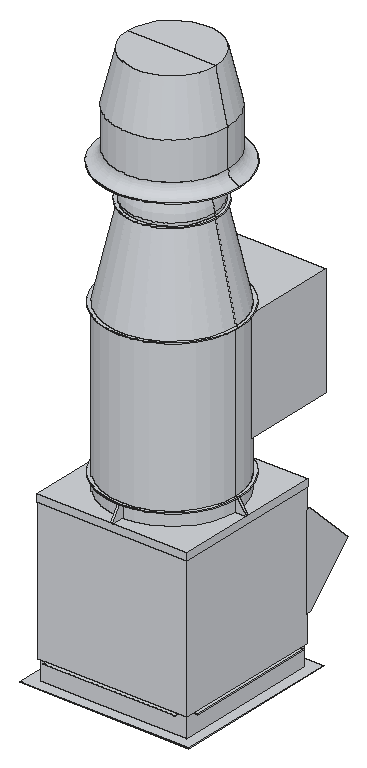
Revit family "QMXVP_with_Mixing_Box", category Mechanical Equipment, Revit 2019 (continued)
Types (225): name | UNIT_RADIUS+4" | UNIT_RADIUS*.6 | UNIT_RADIUS | UNIT_OD | UNIT_HEIGHT*.75 | UNIT_HEIGHT | TYPE | TRANSITION_TOP | RO/2 | RO | NOZZLE_WB_RAD-2" | NOZZLE_WB_RAD | NOZZLE_WB/4 | NOZZLE_TOP_RAD | NOZZLE_TOP_OD | NOZZLE_SIZE | NOZZLE_HEIGHT/7*2 | NOZZLE_HEIGHT | NOZZLE_BOTTOM_RAD | NOZZLE_WB_OD | NOZZLE_BOTTOM_ID | MB_HT/2 | MB_HT-2.75" | MB_HT+.25" | MB_HT | MB_A | GA | E | C/2 | C | B/2 | B | A/2 | A | Type Comments | Model | -A | (NOZZLE_WB_OD-NOZZLE_TOP_OD)/2 | (NOZZLE_HEIGHT-(NOZZLE_HEIGHT/8*2))/2 | (A/2)+.25"
  245_QMXVP-15H-Mixing_Box | 1' - 9 3/8" | 1' - 3.6375" | 1' - 5 3/8" | 2' - 10 3/4" | 2' - 9 3/8" | 3' - 8 1/2" | 0' - 0" | 6' - 5 11/16" | 1' - 6 3/8" | 3' - 0 3/4" | 1' - 4" | 1' - 6" | 0' - 7.2" | 0' - 11 1/2" | 1' - 11" | 15' - 0" | 0' - 10 3/4" | 3' - 7" | 0' - 10 11/16" | 3' - 0" | 1' - 9 3/8" | 1' - 10 23/32" | 3' - 6 11/16" | 3' - 9 11/16" | 3' - 9 7/16" | 4' - 9" | 0' - 0 27/256" | 3' - 6 15/16" | 2' - 5 1/2" | 4' - 11" | 5' - 0 1/2" | 10' - 1" | 1' - 10" | 3' - 8" | "Vari-Plume Laboratory Exhaust Mixed-Flow Inline Belt Drive With Mixing Box\r\n" | "QMXVP-Mixing Box" | -3' - 8" | 0' - 3 1/4" | 1' - 4 1/8" | 1' - 10 1/4"
  245_QMXVP-18L-Mixing_Box | 1' - 9 3/8" | 1' - 3.6375" | 1' - 5 3/8" | 2' - 10 3/4" | 2' - 9 3/8" | 3' - 8 1/2" | 0' - 0" | 5' - 9 11/16" | 1' - 6 3/8" | 3' - 0 3/4" | 1' - 7 1/2" | 1' - 9 1/2" | 0' - 8.6" | 1' - 1 3/4" | 2' - 3 1/2" | 18' - 0" | 1' - 0" | 4' - 0" | 1' - 0 13/16" | 3' - 7" | 2' - 1 5/8" | 1' - 10 23/32" | 3' - 6 11/16" | 3' - 9 11/16" | 3' - 9 7/16" | 4' - 9" | 0' - 0 27/256" | 3' - 6 15/16" | 2' - 5 1/2" | 4' - 11" | 5' - 0 1/2" | 10' - 1" | 1' - 10" | 3' - 8" | "Vari-Plume Laboratory Exhaust Mixed-Flow Inline Belt Drive With Mixing Box\r\n" | "QMXVP-Mixing Box" | -3' - 8" | 0' - 3 7/8" | 1' - 6" | 1' - 10 1/4"
  245_QMXVP-18H-Mixing_Box | 1' - 9 3/8" | 1' - 3.6375" | 1' - 5 3/8" | 2' - 10 3/4" | 2' - 9 3/8" | 3' - 8 1/2" | 0' - 0" | 5' - 9 11/16" | 1' - 6 3/8" | 3' - 0 3/4" | 1' - 7 1/2" | 1' - 9 1/2" | 0' - 8.6" | 1' - 1 3/4" | 2' - 3 1/2" | 18' - 0" | 1' - 0" | 4' - 0" | 1' - 0 13/16" | 3' - 7" | 2' - 1 5/8" | 1' - 10 23/32" | 3' - 6 11/16" | 3' - 9 11/16" | 3' - 9 7/16" | 4' - 9" | 0' - 0 27/256" | 3' - 6 15/16" | 2' - 5 1/2" | 4' - 11" | 5' - 0 1/2" | 10' - 1" | 1' - 10" | 3' - 8" | "Vari-Plume Laboratory Exhaust Mixed-Flow Inline Belt Drive With Mixing Box\r\n" | "QMXVP-Mixing Box" | -3' - 8" | 0' - 3 7/8" | 1' - 6" | 1' - 10 1/4"
  245_QMXVP-24L-Mixing_Box | 1' - 9 3/8" | 1' - 3.6375" | 1' - 5 3/8" | 2' - 10 3/4" | 2' - 9 3/8" | 3' - 8 1/2" | 0' - 0" | 4' - 9 3/4" | 1' - 6 3/8" | 3' - 0 3/4" | 2' - 4 1/2" | 2' - 6 1/2" | 1' - 0.2" | 1' - 6 1/4" | 3' - 0 1/2" | 24' - 0" | 1' - 3 1/2" | 5' - 2" | 1' - 5 3/8" | 5' - 1" | 2' - 10 3/4" | 1' - 10 23/32" | 3' - 6 11/16" | 3' - 9 11/16" | 3' - 9 7/16" | 4' - 9" | 0' - 0 27/256" | 3' - 6 15/16" | 2' - 5 1/2" | 4' - 11" | 5' - 0 1/2" | 10' - 1" | 1' - 10" | 3' - 8" | "Vari-Plume Laboratory Exhaust Mixed-Flow Inline Belt Drive With Mixing Box\r\n" | "QMXVP-Mixing Box" | -3' - 8" | 0' - 6 1/8" | 1' - 11 1/4" | 1' - 10 1/4"
  245_QMXVP-24H-Mixing_Box | 1' - 9 3/8" | 1' - 3.6375" | 1' - 5 3/8" | 2' - 10 3/4" | 2' - 9 3/8" | 3' - 8 1/2" | 0' - 0" | 4' - 9 3/4" | 1' - 6 3/8" | 3' - 0 3/4" | 2' - 4 1/2" | 2' - 6 1/2" | 1' - 0.2" | 1' - 6 1/4" | 3' - 0 1/2" | 24' - 0" | 1' - 3 1/2" | 5' - 2" | 1' - 5 3/8" | 5' - 1" | 2' - 10 3/4" | 1' - 10 23/32" | 3' - 6 11/16" | 3' - 9 11/16" | 3' - 9 7/16" | 4' - 9" | 0' - 0 27/256" | 3' - 6 15/16" | 2' - 5 1/2" | 4' - 11" | 5' - 0 1/2" | 10' - 1" | 1' - 10" | 3' - 8" | "Vari-Plume Laboratory Exhaust Mixed-Flow Inline Belt Drive With Mixing Box\r\n" | "QMXVP-Mixing Box" | -3' - 8" | 0' - 6 1/8" | 1' - 11 1/4" | 1' - 10 1/4"
  270_QMXVP-15L-Mixing_Box | 1' - 11 5/32" | 1' - 5.24062" | 1' - 7 5/32" | 3' - 2 5/16" | 2' - 11 1/4" | 3' - 11" | 0' - 0" | 7' - 2 3/16" | 1' - 8 3/8" | 3' - 4 3/4" | 1' - 4" | 1' - 6" | 0' - 7.2" | 0' - 11 1/2" | 1' - 11" | 15' - 0" | 0' - 10 3/4" | 3' - 7" | 0' - 10 11/16" | 3' - 0" | 1' - 9 3/8" | 1' - 11 19/32" | 3' - 8 7/16" | 3' - 11 7/16" | 3' - 11 3/16" | 5' - 2" | 0' - 0 27/256" | 3' - 10 15/16" | 2' - 7 1/2" | 5' - 3" | 5' - 4" | 10' - 8" | 2' - 0" | 4' - 0" | "Vari-Plume Laboratory Exhaust Mixed-Flow Inline Belt Drive With Mixing Box\r\n" | "QMXVP-Mixing Box" | -4' - 0" | 0' - 3 1/4" | 1' - 4 1/8" | 2' - 0 1/4"
  270_QMXVP-15H-Mixing_Box | 1' - 11 5/32" | 1' - 5.24062" | 1' - 7 5/32" | 3' - 2 5/16" | 2' - 11 1/4" | 3' - 11" | 0' - 0" | 7' - 2 3/16" | 1' - 8 3/8" | 3' - 4 3/4" | 1' - 4" | 1' - 6" | 0' - 7.2" | 0' - 11 1/2" | 1' - 11" | 15' - 0" | 0' - 10 3/4" | 3' - 7" | 0' - 10 11/16" | 3' - 0" | 1' - 9 3/8" | 1' - 11 19/32" | 3' - 8 7/16" | 3' - 11 7/16" | 3' - 11 3/16" | 5' - 2" | 0' - 0 27/256" | 3' - 10 15/16" | 2' - 7 1/2" | 5' - 3" | 5' - 4" | 10' - 8" | 2' - 0" | 4' - 0" | "Vari-Plume Laboratory Exhaust Mixed-Flow Inline Belt Drive With Mixing Box\r\n" | "QMXVP-Mixing Box" | -4' - 0" | 0' - 3 1/4" | 1' - 4 1/8" | 2' - 0 1/4"
  270_QMXVP-18L-Mixing_Box | 1' - 11 5/32" | 1' - 5.24062" | 1' - 7 5/32" | 3' - 2 5/16" | 2' - 11 1/4" | 3' - 11" | 0' - 0" | 6' - 7 3/16" | 1' - 8 3/8" | 3' - 4 3/4" | 1' - 7 1/2" | 1' - 9 1/2" | 0' - 8.6" | 1' - 1 3/4" | 2' - 3 1/2" | 18' - 0" | 1' - 0" | 4' - 0" | 1' - 0 13/16" | 3' - 7" | 2' - 1 5/8" | 1' - 11 19/32" | 3' - 8 7/16" | 3' - 11 7/16" | 3' - 11 3/16" | 5' - 2" | 0' - 0 27/256" | 3' - 10 15/16" | 2' - 7 1/2" | 5' - 3" | 5' - 4" | 10' - 8" | 2' - 0" | 4' - 0" | "Vari-Plume Laboratory Exhaust Mixed-Flow Inline Belt Drive With Mixing Box\r\n" | "QMXVP-Mixing Box" | -4' - 0" | 0' - 3 7/8" | 1' - 6" | 2' - 0 1/4"
  270_QMXVP-18H-Mixing_Box | 1' - 11 5/32" | 1' - 5.24062" | 1' - 7 5/32" | 3' - 2 5/16" | 2' - 11 1/4" | 3' - 11" | 0' - 0" | 6' - 7 3/16" | 1' - 8 3/8" | 3' - 4 3/4" | 1' - 7 1/2" | 1' - 9 1/2" | 0' - 8.6" | 1' - 1 3/4" | 2' - 3 1/2" | 18' - 0" | 1' - 0" | 4' - 0" | 1' - 0 13/16" | 3' - 7" | 2' - 1 5/8" | 1' - 11 19/32" | 3' - 8 7/16" | 3' - 11 7/16" | 3' - 11 3/16" | 5' - 2" | 0' - 0 27/256" | 3' - 10 15/16" | 2' - 7 1/2" | 5' - 3" | 5' - 4" | 10' - 8" | 2' - 0" | 4' - 0" | "Vari-Plume Laboratory Exhaust Mixed-Flow Inline Belt Drive With Mixing Box\r\n" | "QMXVP-Mixing Box" | -4' - 0" | 0' - 3 7/8" | 1' - 6" | 2' - 0 1/4"
  270_QMXVP-24L-Mixing_Box | 1' - 11 5/32" | 1' - 5.24062" | 1' - 7 5/32" | 3' - 2 5/16" | 2' - 11 1/4" | 3' - 11" | 0' - 0" | 5' - 2 1/4" | 1' - 8 3/8" | 3' - 4 3/4" | 2' - 4 1/2" | 2' - 6 1/2" | 1' - 0.2" | 1' - 6 1/4" | 3' - 0 1/2" | 24' - 0" | 1' - 3 1/2" | 5' - 2" | 1' - 5 3/8" | 5' - 1" | 2' - 10 3/4" | 1' - 11 19/32" | 3' - 8 7/16" | 3' - 11 7/16" | 3' - 11 3/16" | 5' - 2" | 0' - 0 27/256" | 3' - 10 15/16" | 2' - 7 1/2" | 5' - 3" | 5' - 4" | 10' - 8" | 2' - 0" | 4' - 0" | "Vari-Plume Laboratory Exhaust Mixed-Flow Inline Belt Drive With Mixing Box\r\n" | "QMXVP-Mixing Box" | -4' - 0" | 0' - 6 1/8" | 1' - 11 1/4" | 2' - 0 1/4"
  270_QMXVP-24H-Mixing_Box | 1' - 11 5/32" | 1' - 5.24062" | 1' - 7 5/32" | 3' - 2 5/16" | 2' - 11 1/4" | 3' - 11" | 0' - 0" | 5' - 2 1/4" | 1' - 8 3/8" | 3' - 4 3/4" | 2' - 4 1/2" | 2' - 6 1/2" | 1' - 0.2" | 1' - 6 1/4" | 3' - 0 1/2" | 24' - 0" | 1' - 3 1/2" | 5' - 2" | 1' - 5 3/8" | 5' - 1" | 2' - 10 3/4" | 1' - 11 19/32" | 3' - 8 7/16" | 3' - 11 7/16" | 3' - 11 3/16" | 5' - 2" | 0' - 0 27/256" | 3' - 10 15/16" | 2' - 7 1/2" | 5' - 3" | 5' - 4" | 10' - 8" | 2' - 0" | 4' - 0" | "Vari-Plume Laboratory Exhaust Mixed-Flow Inline Belt Drive With Mixing Box\r\n" | "QMXVP-Mixing Box" | -4' - 0" | 0' - 6 1/8" | 1' - 11 1/4" | 2' - 0 1/4"
  300_QMXVP-18L-Mixing_Box | 2' - 1 1/4" | 1' - 7 1/8" | 1' - 9 1/4" | 3' - 6 1/2" | 3' - 4 1/2" | 4' - 6" | 0' - 0" | 7' - 10 3/16" | 1' - 10 3/8" | 3' - 8 3/4" | 1' - 7 1/2" | 1' - 9 1/2" | 0' - 8.6" | 1' - 1 3/4" | 2' - 3 1/2" | 18' - 0" | 1' - 0" | 4' - 0" | 1' - 0 13/16" | 3' - 7" | 2' - 1 5/8" | 2' - 1 7/32" | 3' - 11 11/16" | 4' - 2 11/16" | 4' - 2 7/16" | 5' - 8" | 0' - 0 27/256" | 4' - 2 15/16" | 2' - 9 1/2" | 5' - 7" | 6' - 2" | 12' - 4" | 2' - 2" | 4' - 4" | "Vari-Plume Laboratory Exhaust Mixed-Flow Inline Belt Drive With Mixing Box\r\n" | "QMXVP-Mixing Box" | -4' - 4" | 0' - 3 7/8" | 1' - 6" | 2' - 2 1/4"
  300_QMXVP-18H-Mixing_Box | 2' - 1 1/4" | 1' - 7 1/8" | 1' - 9 1/4" | 3' - 6 1/2" | 3' - 4 1/2" | 4' - 6" | 0' - 0" | 7' - 10 3/16" | 1' - 10 3/8" | 3' - 8 3/4" | 1' - 7 1/2" | 1' - 9 1/2" | 0' - 8.6" | 1' - 1 3/4" | 2' - 3 1/2" | 18' - 0" | 1' - 0" | 4' - 0" | 1' - 0 13/16" | 3' - 7" | 2' - 1 5/8" | 2' - 1 7/32" | 3' - 11 11/16" | 4' - 2 11/16" | 4' - 2 7/16" | 5' - 8" | 0' - 0 27/256" | 4' - 2 15/16" | 2' - 9 1/2" | 5' - 7" | 6' - 2" | 12' - 4" | 2' - 2" | 4' - 4" | "Vari-Plume Laboratory Exhaust Mixed-Flow Inline Belt Drive With Mixing Box\r\n" | "QMXVP-Mixing Box" | -4' - 4" | 0' - 3 7/8" | 1' - 6" | 2' - 2 1/4"
  300_QMXVP-24L-Mixing_Box | 2' - 1 1/4" | 1' - 7 1/8" | 1' - 9 1/4" | 3' - 6 1/2" | 3' - 4 1/2" | 4' - 6" | 0' - 0" | 6' - 5 1/4" | 1' - 10 3/8" | 3' - 8 3/4" | 2' - 4 1/2" | 2' - 6 1/2" | 1' - 0.2" | 1' - 6 1/4" | 3' - 0 1/2" | 24' - 0" | 1' - 3 1/2" | 5' - 2" | 1' - 5 3/8" | 5' - 1" | 2' - 10 3/4" | 2' - 1 7/32" | 3' - 11 11/16" | 4' - 2 11/16" | 4' - 2 7/16" | 5' - 8" | 0' - 0 27/256" | 4' - 2 15/16" | 2' - 9 1/2" | 5' - 7" | 6' - 2" | 12' - 4" | 2' - 2" | 4' - 4" | "Vari-Plume Laboratory Exhaust Mixed-Flow Inline Belt Drive With Mixing Box\r\n" | "QMXVP-Mixing Box" | -4' - 4" | 0' - 6 1/8" | 1' - 11 1/4" | 2' - 2 1/4"
  300_QMXVP-24H-Mixing_Box | 2' - 1 1/4" | 1' - 7 1/8" | 1' - 9 1/4" | 3' - 6 1/2" | 3' - 4 1/2" | 4' - 6" | 0' - 0" | 6' - 5 1/4" | 1' - 10 3/8" | 3' - 8 3/4" | 2' - 4 1/2" | 2' - 6 1/2" | 1' - 0.2" | 1' - 6 1/4" | 3' - 0 1/2" | 24' - 0" | 1' - 3 1/2" | 5' - 2" | 1' - 5 3/8" | 5' - 1" | 2' - 10 3/4" | 2' - 1 7/32" | 3' - 11 11/16" | 4' - 2 11/16" | 4' - 2 7/16" | 5' - 8" | 0' - 0 27/256" | 4' - 2 15/16" | 2' - 9 1/2" | 5' - 7" | 6' - 2" | 12' - 4" | 2' - 2" | 4' - 4" | "Vari-Plume Laboratory Exhaust Mixed-Flow Inline Belt Drive With Mixing Box\r\n" | "QMXVP-Mixing Box" | -4' - 4" | 0' - 6 1/8" | 1' - 11 1/4" | 2' - 2 1/4"
  300_QMXVP-30L-Mixing_Box | 2' - 1 1/4" | 1' - 7 1/8" | 1' - 9 1/4" | 3' - 6 1/2" | 3' - 4 1/2" | 4' - 6" | 0' - 0" | 5' - 8 1/4" | 1' - 10 3/8" | 3' - 8 3/4" | 2' - 11" | 3' - 1" | 1' - 2.8" | 1' - 10 3/4" | 3' - 9 1/2" | 30' - 0" | 1' - 7 1/2" | 6' - 6" | 1' - 9 1/4" | 6' - 2" | 3' - 6 1/2" | 2' - 1 7/32" | 3' - 11 11/16" | 4' - 2 11/16" | 4' - 2 7/16" | 5' - 8" | 0' - 0 27/256" | 4' - 2 15/16" | 2' - 9 1/2" | 5' - 7" | 6' - 2" | 12' - 4" | 2' - 2" | 4' - 4" | "Vari-Plume Laboratory Exhaust Mixed-Flow Inline Belt Drive With Mixing Box\r\n" | "QMXVP-Mixing Box" | -4' - 4" | 0' - 7 1/8" | 2' - 5 1/4" | 2' - 2 1/4"
  300_QMXVP-30H-Mixing_Box | 2' - 1 1/4" | 1' - 7 1/8" | 1' - 9 1/4" | 3' - 6 1/2" | 3' - 4 1/2" | 4' - 6" | 0' - 0" | 5' - 8 1/4" | 1' - 10 3/8" | 3' - 8 3/4" | 2' - 11" | 3' - 1" | 1' - 2.8" | 1' - 10 3/4" | 3' - 9 1/2" | 30' - 0" | 1' - 7 1/2" | 6' - 6" | 1' - 9 1/4" | 6' - 2" | 3' - 6 1/2" | 2' - 1 7/32" | 3' - 11 11/16" | 4' - 2 11/16" | 4' - 2 7/16" | 5' - 8" | 0' - 0 27/256" | 4' - 2 15/16" | 2' - 9 1/2" | 5' - 7" | 6' - 2" | 12' - 4" | 2' - 2" | 4' - 4" | "Vari-Plume Laboratory Exhaust Mixed-Flow Inline Belt Drive With Mixing Box\r\n" | "QMXVP-Mixing Box" | -4' - 4" | 0' - 7 1/8" | 2' - 5 1/4" | 2' - 2 1/4"
  330_QMXVP-24L-Mixing_Box | 2' - 3 3/8" | 1' - 9.0375" | 1' - 11 3/8" | 3' - 10 3/4" | 3' - 7 7/8" | 4' - 10 1/2" | 0' - 0" | 7' - 5 3/4" | 2' - 0 5/16" | 4' - 0 5/8" | 2' - 4 1/2" | 2' - 6 1/2" | 1' - 0.2" | 1' - 6 1/4" | 3' - 0 1/2" | 24' - 0" | 1' - 3 1/2" | 5' - 2" | 1' - 5 3/8" | 5' - 1" | 2' - 10 3/4" | 2' - 2 27/32" | 4' - 2 15/16" | 4' - 5 15/16" | 4' - 5 11/16" | 6' - 1" | 0' - 0 27/256" | 4' - 6 13/16" | 3' - 0 1/2" | 6' - 1" | 6' - 5" | 12' - 10" | 2' - 4" | 4' - 8" | "Vari-Plume Laboratory Exhaust Mixed-Flow Inline Belt Drive With Mixing Box\r\n" | "QMXVP-Mixing Box" | -4' - 8" | 0' - 6 1/8" | 1' - 11 1/4" | 2' - 4 1/4"
  330_QMXVP-24H-Mixing_Box | 2' - 3 3/8" | 1' - 9.0375" | 1' - 11 3/8" | 3' - 10 3/4" | 3' - 7 7/8" | 4' - 10 1/2" | 0' - 0" | 7' - 5 3/4" | 2' - 0 5/16" | 4' - 0 5/8" | 2' - 4 1/2" | 2' - 6 1/2" | 1' - 0.2" | 1' - 6 1/4" | 3' - 0 1/2" | 24' - 0" | 1' - 3 1/2" | 5' - 2" | 1' - 5 3/8" | 5' - 1" | 2' - 10 3/4" | 2' - 2 27/32" | 4' - 2 15/16" | 4' - 5 15/16" | 4' - 5 11/16" | 6' - 1" | 0' - 0 27/256" | 4' - 6 13/16" | 3' - 0 1/2" | 6' - 1" | 6' - 5" | 12' - 10" | 2' - 4" | 4' - 8" | "Vari-Plume Laboratory Exhaust Mixed-Flow Inline Belt Drive With Mixing Box\r\n" | "QMXVP-Mixing Box" | -4' - 8" | 0' - 6 1/8" | 1' - 11 1/4" | 2' - 4 1/4"
  330_QMXVP-30L-Mixing_Box | 2' - 3 3/8" | 1' - 9.0375" | 1' - 11 3/8" | 3' - 10 3/4" | 3' - 7 7/8" | 4' - 10 1/2" | 0' - 0" | 6' - 2 3/4" | 2' - 0 5/16" | 4' - 0 5/8" | 2' - 11" | 3' - 1" | 1' - 2.8" | 1' - 10 3/4" | 3' - 9 1/2" | 30' - 0" | 1' - 7 1/2" | 6' - 6" | 1' - 9 1/4" | 6' - 2" | 3' - 6 1/2" | 2' - 2 27/32" | 4' - 2 15/16" | 4' - 5 15/16" | 4' - 5 11/16" | 6' - 1" | 0' - 0 27/256" | 4' - 6 13/16" | 3' - 0 1/2" | 6' - 1" | 6' - 5" | 12' - 10" | 2' - 4" | 4' - 8" | "Vari-Plume Laboratory Exhaust Mixed-Flow Inline Belt Drive With Mixing Box\r\n" | "QMXVP-Mixing Box" | -4' - 8" | 0' - 7 1/8" | 2' - 5 1/4" | 2' - 4 1/4"
  330_QMXVP-30H-Mixing_Box | 2' - 3 3/8" | 1' - 9.0375" | 1' - 11 3/8" | 3' - 10 3/4" | 3' - 7 7/8" | 4' - 10 1/2" | 0' - 0" | 6' - 2 3/4" | 2' - 0 5/16" | 4' - 0 5/8" | 2' - 11" | 3' - 1" | 1' - 2.8" | 1' - 10 3/4" | 3' - 9 1/2" | 30' - 0" | 1' - 7 1/2" | 6' - 6" | 1' - 9 1/4" | 6' - 2" | 3' - 6 1/2" | 2' - 2 27/32" | 4' - 2 15/16" | 4' - 5 15/16" | 4' - 5 11/16" | 6' - 1" | 0' - 0 27/256" | 4' - 6 13/16" | 3' - 0 1/2" | 6' - 1" | 6' - 5" | 12' - 10" | 2' - 4" | 4' - 8" | "Vari-Plume Laboratory Exhaust Mixed-Flow Inline Belt Drive With Mixing Box\r\n" | "QMXVP-Mixing Box" | -4' - 8" | 0' - 7 1/8" | 2' - 5 1/4" | 2' - 4 1/4"
  365_QMXVP-24L-Mixing_Box | 2' - 5 7/8" | 1' - 11.2875" | 2' - 1 7/8" | 4' - 3 3/4" | 4' - 0" | 5' - 4" | 0' - 0" | 8' - 8 1/4" | 2' - 3 1/4" | 4' - 6 1/2" | 2' - 4 1/2" | 2' - 6 1/2" | 1' - 0.2" | 1' - 6 1/4" | 3' - 0 1/2" | 24' - 0" | 1' - 3 1/2" | 5' - 2" | 1' - 5 3/8" | 5' - 1" | 2' - 10 3/4" | 2' - 5 27/32" | 4' - 8 15/16" | 4' - 11 15/16" | 4' - 11 11/16" | 6' - 10" | 0' - 0 27/256" | 5' - 0 3/4" | 3' - 3 1/2" | 6' - 7" | 7' - 3 1/2" | 14' - 7" | 2' - 7" | 5' - 2" | "Vari-Plume Laboratory Exhaust Mixed-Flow Inline Belt Drive With Mixing Box\r\n" | "QMXVP-Mixing Box" | -5' - 2" | 0' - 6 1/8" | 1' - 11 1/4" | 2' - 7 1/4"
  365_QMXVP-24H-Mixing_Box | 2' - 5 7/8" | 1' - 11.2875" | 2' - 1 7/8" | 4' - 3 3/4" | 4' - 0" | 5' - 4" | 0' - 0" | 8' - 8 1/4" | 2' - 3 1/4" | 4' - 6 1/2" | 2' - 4 1/2" | 2' - 6 1/2" | 1' - 0.2" | 1' - 6 1/4" | 3' - 0 1/2" | 24' - 0" | 1' - 3 1/2" | 5' - 2" | 1' - 5 3/8" | 5' - 1" | 2' - 10 3/4" | 2' - 5 27/32" | 4' - 8 15/16" | 4' - 11 15/16" | 4' - 11 11/16" | 6' - 10" | 0' - 0 27/256" | 5' - 0 3/4" | 3' - 3 1/2" | 6' - 7" | 7' - 3 1/2" | 14' - 7" | 2' - 7" | 5' - 2" | "Vari-Plume Laboratory Exhaust Mixed-Flow Inline Belt Drive With Mixing Box\r\n" | "QMXVP-Mixing Box" | -5' - 2" | 0' - 6 1/8" | 1' - 11 1/4" | 2' - 7 1/4"
  365_QMXVP-30L-Mixing_Box | 2' - 5 7/8" | 1' - 11.2875" | 2' - 1 7/8" | 4' - 3 3/4" | 4' - 0" | 5' - 4" | 0' - 0" | 7' - 5 1/2" | 2' - 3 1/4" | 4' - 6 1/2" | 2' - 11" | 3' - 1" | 1' - 2.8" | 1' - 10 3/4" | 3' - 9 1/2" | 30' - 0" | 1' - 7 1/2" | 6' - 6" | 1' - 9 1/4" | 6' - 2" | 3' - 6 1/2" | 2' - 5 27/32" | 4' - 8 15/16" | 4' - 11 15/16" | 4' - 11 11/16" | 6' - 10" | 0' - 0 27/256" | 5' - 0 3/4" | 3' - 3 1/2" | 6' - 7" | 7' - 3 1/2" | 14' - 7" | 2' - 7" | 5' - 2" | "Vari-Plume Laboratory Exhaust Mixed-Flow Inline Belt Drive With Mixing Box\r\n" | "QMXVP-Mixing Box" | -5' - 2" | 0' - 7 1/8" | 2' - 5 1/4" | 2' - 7 1/4"
  365_QMXVP-30H-Mixing_Box | 2' - 5 7/8" | 1' - 11.2875" | 2' - 1 7/8" | 4' - 3 3/4" | 4' - 0" | 5' - 4" | 0' - 0" | 7' - 5 1/2" | 2' - 3 1/4" | 4' - 6 1/2" | 2' - 11" | 3' - 1" | 1' - 2.8" | 1' - 10 3/4" | 3' - 9 1/2" | 30' - 0" | 1' - 7 1/2" | 6' - 6" | 1' - 9 1/4" | 6' - 2" | 3' - 6 1/2" | 2' - 5 27/32" | 4' - 8 15/16" | 4' - 11 15/16" | 4' - 11 11/16" | 6' - 10" | 0' - 0 27/256" | 5' - 0 3/4" | 3' - 3 1/2" | 6' - 7" | 7' - 3 1/2" | 14' - 7" | 2' - 7" | 5' - 2" | "Vari-Plume Laboratory Exhaust Mixed-Flow Inline Belt Drive With Mixing Box\r\n" | "QMXVP-Mixing Box" | -5' - 2" | 0' - 7 1/8" | 2' - 5 1/4" | 2' - 7 1/4"
  365_QMXVP-36L-Mixing_Box | 2' - 5 7/8" | 1' - 11.2875" | 2' - 1 7/8" | 4' - 3 3/4" | 4' - 0" | 5' - 4" | 0' - 0" | 6' - 6 1/4" | 2' - 3 1/4" | 4' - 6 1/2" | 3' - 7" | 3' - 9" | 1' - 6" | 2' - 5" | 4' - 10" | 36' - 0" | 1' - 11 3/4" | 7' - 11" | 2' - 1 7/8" | 7' - 6" | 4' - 3 3/4" | 2' - 5 27/32" | 4' - 8 15/16" | 4' - 11 15/16" | 4' - 11 11/16" | 6' - 10" | 0' - 0 27/256" | 5' - 0 3/4" | 3' - 3 1/2" | 6' - 7" | 7' - 3 1/2" | 14' - 7" | 2' - 7" | 5' - 2" | "Vari-Plume Laboratory Exhaust Mixed-Flow Inline Belt Drive With Mixing Box\r\n" | "QMXVP-Mixing Box" | -5' - 2" | 0' - 8" | 2' - 11 5/8" | 2' - 7 1/4"
  402_QMXVP-24L-Mixing_Box | 2' - 8 15/32" | 2' - 1.62188" | 2' - 4 15/32" | 4' - 8 15/16" | 4' - 3 3/8" | 5' - 8 1/2" | 0' - 0" | 9' - 10 3/4" | 2' - 5 23/32" | 4' - 11 7/16" | 2' - 4 1/2" | 2' - 6 1/2" | 1' - 0.2" | 1' - 6 1/4" | 3' - 0 1/2" | 24' - 0" | 1' - 3 1/2" | 5' - 2" | 1' - 5 3/8" | 5' - 1" | 2' - 10 3/4" | 2' - 8 31/32" | 5' - 3 3/16" | 5' - 6 3/16" | 5' - 5 15/16" | 7' - 6" | 0' - 0 27/256" | 5' - 5 3/4" | 3' - 8" | 7' - 4" | 7' - 7 1/2" | 15' - 3" | 2' - 9 1/2" | 5' - 7" | "Vari-Plume Laboratory Exhaust Mixed-Flow Inline Belt Drive With Mixing Box\r\n" | "QMXVP-Mixing Box" | -5' - 7" | 0' - 6 1/8" | 1' - 11 1/4" | 2' - 9 3/4"
  402_QMXVP-24H-Mixing_Box | 2' - 8 15/32" | 2' - 1.62188" | 2' - 4 15/32" | 4' - 8 15/16" | 4' - 3 3/8" | 5' - 8 1/2" | 0' - 0" | 9' - 10 3/4" | 2' - 5 23/32" | 4' - 11 7/16" | 2' - 4 1/2" | 2' - 6 1/2" | 1' - 0.2" | 1' - 6 1/4" | 3' - 0 1/2" | 24' - 0" | 1' - 3 1/2" | 5' - 2" | 1' - 5 3/8" | 5' - 1" | 2' - 10 3/4" | 2' - 8 31/32" | 5' - 3 3/16" | 5' - 6 3/16" | 5' - 5 15/16" | 7' - 6" | 0' - 0 27/256" | 5' - 5 3/4" | 3' - 8" | 7' - 4" | 7' - 7 1/2" | 15' - 3" | 2' - 9 1/2" | 5' - 7" | "Vari-Plume Laboratory Exhaust Mixed-Flow Inline Belt Drive With Mixing Box\r\n" | "QMXVP-Mixing Box" | -5' - 7" | 0' - 6 1/8" | 1' - 11 1/4" | 2' - 9 3/4"
  402_QMXVP-30L-Mixing_Box | 2' - 8 15/32" | 2' - 1.62188" | 2' - 4 15/32" | 4' - 8 15/16" | 4' - 3 3/8" | 5' - 8 1/2" | 0' - 0" | 8' - 7 3/4" | 2' - 5 23/32" | 4' - 11 7/16" | 2' - 11" | 3' - 1" | 1' - 2.8" | 1' - 10 3/4" | 3' - 9 1/2" | 30' - 0" | 1' - 7 1/2" | 6' - 6" | 1' - 9 1/4" | 6' - 2" | 3' - 6 1/2" | 2' - 8 31/32" | 5' - 3 3/16" | 5' - 6 3/16" | 5' - 5 15/16" | 7' - 6" | 0' - 0 27/256" | 5' - 5 3/4" | 3' - 8" | 7' - 4" | 7' - 7 1/2" | 15' - 3" | 2' - 9 1/2" | 5' - 7" | "Vari-Plume Laboratory Exhaust Mixed-Flow Inline Belt Drive With Mixing Box\r\n" | "QMXVP-Mixing Box" | -5' - 7" | 0' - 7 1/8" | 2' - 5 1/4" | 2' - 9 3/4"
  402_QMXVP-30H-Mixing_Box | 2' - 8 15/32" | 2' - 1.62188" | 2' - 4 15/32" | 4' - 8 15/16" | 4' - 3 3/8" | 5' - 8 1/2" | 0' - 0" | 8' - 7 3/4" | 2' - 5 23/32" | 4' - 11 7/16" | 2' - 11" | 3' - 1" | 1' - 2.8" | 1' - 10 3/4" | 3' - 9 1/2" | 30' - 0" | 1' - 7 1/2" | 6' - 6" | 1' - 9 1/4" | 6' - 2" | 3' - 6 1/2" | 2' - 8 31/32" | 5' - 3 3/16" | 5' - 6 3/16" | 5' - 5 15/16" | 7' - 6" | 0' - 0 27/256" | 5' - 5 3/4" | 3' - 8" | 7' - 4" | 7' - 7 1/2" | 15' - 3" | 2' - 9 1/2" | 5' - 7" | "Vari-Plume Laboratory Exhaust Mixed-Flow Inline Belt Drive With Mixing Box\r\n" | "QMXVP-Mixing Box" | -5' - 7" | 0' - 7 1/8" | 2' - 5 1/4" | 2' - 9 3/4"
  402_QMXVP-36L-Mixing_Box | 2' - 8 15/32" | 2' - 1.62188" | 2' - 4 15/32" | 4' - 8 15/16" | 4' - 3 3/8" | 5' - 8 1/2" | 0' - 0" | 7' - 2 3/4" | 2' - 5 23/32" | 4' - 11 7/16" | 3' - 7" | 3' - 9" | 1' - 6" | 2' - 5" | 4' - 10" | 36' - 0" | 1' - 11 3/4" | 7' - 11" | 2' - 1 7/8" | 7' - 6" | 4' - 3 3/4" | 2' - 8 31/32" | 5' - 3 3/16" | 5' - 6 3/16" | 5' - 5 15/16" | 7' - 6" | 0' - 0 27/256" | 5' - 5 3/4" | 3' - 8" | 7' - 4" | 7' - 7 1/2" | 15' - 3" | 2' - 9 1/2" | 5' - 7" | "Vari-Plume Laboratory Exhaust Mixed-Flow Inline Belt Drive With Mixing Box\r\n" | "QMXVP-Mixing Box" | -5' - 7" | 0' - 8" | 2' - 11 5/8" | 2' - 9 3/4"
  402_QMXVP-36H-Mixing_Box | 2' - 8 15/32" | 2' - 1.62188" | 2' - 4 15/32" | 4' - 8 15/16" | 4' - 3 3/8" | 5' - 8 1/2" | 0' - 0" | 7' - 2 3/4" | 2' - 5 23/32" | 4' - 11 7/16" | 3' - 7" | 3' - 9" | 1' - 6" | 2' - 5" | 4' - 10" | 36' - 0" | 1' - 11 3/4" | 7' - 11" | 2' - 1 7/8" | 7' - 6" | 4' - 3 3/4" | 2' - 8 31/32" | 5' - 3 3/16" | 5' - 6 3/16" | 5' - 5 15/16" | 7' - 6" | 0' - 0 27/256" | 5' - 5 3/4" | 3' - 8" | 7' - 4" | 7' - 7 1/2" | 15' - 3" | 2' - 9 1/2" | 5' - 7" | "Vari-Plume Laboratory Exhaust Mixed-Flow Inline Belt Drive With Mixing Box\r\n" | "QMXVP-Mixing Box" | -5' - 7" | 0' - 8" | 2' - 11 5/8" | 2' - 9 3/4"
  445_QMXVP-30L-Mixing_Box | 2' - 11 17/32" | 2' - 4.37812" | 2' - 7 17/32" | 5' - 3 1/16" | 4' - 7 1/2" | 6' - 2" | 0' - 0" | 10' - 1 1/4" | 2' - 9 7/32" | 5' - 6 7/16" | 2' - 11" | 3' - 1" | 1' - 2.8" | 1' - 10 3/4" | 3' - 9 1/2" | 30' - 0" | 1' - 7 1/2" | 6' - 6" | 1' - 9 1/4" | 6' - 2" | 3' - 6 1/2" | 3' - 1 27/32" | 6' - 0 15/16" | 6' - 3 15/16" | 6' - 3 11/16" | 8' - 6" | 0' - 0 27/256" | 6' - 0 5/8" | 3' - 11 1/2" | 7' - 11" | 8' - 4 1/2" | 16' - 9" | 3' - 1" | 6' - 2" | "Vari-Plume Laboratory Exhaust Mixed-Flow Inline Belt Drive With Mixing Box\r\n" | "QMXVP-Mixing Box" | -6' - 2" | 0' - 7 1/8" | 2' - 5 1/4" | 3' - 1 1/4"
  445_QMXVP-30H-Mixing_Box | 2' - 11 17/32" | 2' - 4.37812" | 2' - 7 17/32" | 5' - 3 1/16" | 4' - 7 1/2" | 6' - 2" | 0' - 0" | 10' - 1 1/4" | 2' - 9 7/32" | 5' - 6 7/16" | 2' - 11" | 3' - 1" | 1' - 2.8" | 1' - 10 3/4" | 3' - 9 1/2" | 30' - 0" | 1' - 7 1/2" | 6' - 6" | 1' - 9 1/4" | 6' - 2" | 3' - 6 1/2" | 3' - 1 27/32" | 6' - 0 15/16" | 6' - 3 15/16" | 6' - 3 11/16" | 8' - 6" | 0' - 0 27/256" | 6' - 0 5/8" | 3' - 11 1/2" | 7' - 11" | 8' - 4 1/2" | 16' - 9" | 3' - 1" | 6' - 2" | "Vari-Plume Laboratory Exhaust Mixed-Flow Inline Belt Drive With Mixing Box\r\n" | "QMXVP-Mixing Box" | -6' - 2" | 0' - 7 1/8" | 2' - 5 1/4" | 3' - 1 1/4"
  445_QMXVP-36L-Mixing_Box | 2' - 11 17/32" | 2' - 4.37812" | 2' - 7 17/32" | 5' - 3 1/16" | 4' - 7 1/2" | 6' - 2" | 0' - 0" | 8' - 7 1/4" | 2' - 9 7/32" | 5' - 6 7/16" | 3' - 7" | 3' - 9" | 1' - 6" | 2' - 5" | 4' - 10" | 36' - 0" | 1' - 11 3/4" | 7' - 11" | 2' - 1 7/8" | 7' - 6" | 4' - 3 3/4" | 3' - 1 27/32" | 6' - 0 15/16" | 6' - 3 15/16" | 6' - 3 11/16" | 8' - 6" | 0' - 0 27/256" | 6' - 0 5/8" | 3' - 11 1/2" | 7' - 11" | 8' - 4 1/2" | 16' - 9" | 3' - 1" | 6' - 2" | "Vari-Plume Laboratory Exhaust Mixed-Flow Inline Belt Drive With Mixing Box\r\n" | "QMXVP-Mixing Box" | -6' - 2" | 0' - 8" | 2' - 11 5/8" | 3' - 1 1/4"
  445_QMXVP-36H-Mixing_Box | 2' - 11 17/32" | 2' - 4.37812" | 2' - 7 17/32" | 5' - 3 1/16" | 4' - 7 1/2" | 6' - 2" | 0' - 0" | 8' - 7 1/4" | 2' - 9 7/32" | 5' - 6 7/16" | 3' - 7" | 3' - 9" | 1' - 6" | 2' - 5" | 4' - 10" | 36' - 0" | 1' - 11 3/4" | 7' - 11" | 2' - 1 7/8" | 7' - 6" | 4' - 3 3/4" | 3' - 1 27/32" | 6' - 0 15/16" | 6' - 3 15/16" | 6' - 3 11/16" | 8' - 6" | 0' - 0 27/256" | 6' - 0 5/8" | 3' - 11 1/2" | 7' - 11" | 8' - 4 1/2" | 16' - 9" | 3' - 1" | 6' - 2" | "Vari-Plume Laboratory Exhaust Mixed-Flow Inline Belt Drive With Mixing Box\r\n" | "QMXVP-Mixing Box" | -6' - 2" | 0' - 8" | 2' - 11 5/8" | 3' - 1 1/4"
  490_QMXVP-30L-Mixing_Box | 3' - 2 11/16" | 2' - 7 7/32" | 2' - 10 11/16" | 5' - 9 3/8" | 5' - 0 3/8" | 6' - 8 1/2" | 0' - 0" | 11' - 7 3/4" | 3' - 0 1/8" | 6' - 0 1/4" | 2' - 11" | 3' - 1" | 1' - 2.8" | 1' - 10 3/4" | 3' - 9 1/2" | 30' - 0" | 1' - 7 1/2" | 6' - 6" | 1' - 9 1/4" | 6' - 2" | 3' - 6 1/2" | 3' - 7 15/32" | 7' - 0 3/16" | 7' - 3 3/16" | 7' - 2 15/16" | 9' - 5" | 0' - 0 17/128" | 6' - 6 1/2" | 4' - 3 1/2" | 8' - 7" | 9' - 1 1/2" | 18' - 3" | 3' - 4" | 6' - 8" | "Vari-Plume Laboratory Exhaust Mixed-Flow Inline Belt Drive With Mixing Box\r\n" | "QMXVP-Mixing Box" | -6' - 8" | 0' - 7 1/8" | 2' - 5 1/4" | 3' - 4 1/4"
  490_QMXVP-30H-Mixing_Box | 3' - 2 11/16" | 2' - 7 7/32" | 2' - 10 11/16" | 5' - 9 3/8" | 5' - 0 3/8" | 6' - 8 1/2" | 0' - 0" | 11' - 7 3/4" | 3' - 0 1/8" | 6' - 0 1/4" | 2' - 11" | 3' - 1" | 1' - 2.8" | 1' - 10 3/4" | 3' - 9 1/2" | 30' - 0" | 1' - 7 1/2" | 6' - 6" | 1' - 9 1/4" | 6' - 2" | 3' - 6 1/2" | 3' - 7 15/32" | 7' - 0 3/16" | 7' - 3 3/16" | 7' - 2 15/16" | 9' - 5" | 0' - 0 17/128" | 6' - 6 1/2" | 4' - 3 1/2" | 8' - 7" | 9' - 1 1/2" | 18' - 3" | 3' - 4" | 6' - 8" | "Vari-Plume Laboratory Exhaust Mixed-Flow Inline Belt Drive With Mixing Box\r\n" | "QMXVP-Mixing Box" | -6' - 8" | 0' - 7 1/8" | 2' - 5 1/4" | 3' - 4 1/4"
  490_QMXVP-36L-Mixing_Box | 3' - 2 11/16" | 2' - 7 7/32" | 2' - 10 11/16" | 5' - 9 3/8" | 5' - 0 3/8" | 6' - 8 1/2" | 0' - 0" | 10' - 2 3/4" | 3' - 0 1/8" | 6' - 0 1/4" | 3' - 7" | 3' - 9" | 1' - 6" | 2' - 5" | 4' - 10" | 36' - 0" | 1' - 11 3/4" | 7' - 11" | 2' - 1 7/8" | 7' - 6" | 4' - 3 3/4" | 3' - 7 15/32" | 7' - 0 3/16" | 7' - 3 3/16" | 7' - 2 15/16" | 9' - 5" | 0' - 0 17/128" | 6' - 6 1/2" | 4' - 3 1/2" | 8' - 7" | 9' - 1 1/2" | 18' - 3" | 3' - 4" | 6' - 8" | "Vari-Plume Laboratory Exhaust Mixed-Flow Inline Belt Drive With Mixing Box\r\n" | "QMXVP-Mixing Box" | -6' - 8" | 0' - 8" | 2' - 11 5/8" | 3' - 4 1/4"
  490_QMXVP-36H-Mixing_Box | 3' - 2 11/16" | 2' - 7 7/32" | 2' - 10 11/16" | 5' - 9 3/8" | 5' - 0 3/8" | 6' - 8 1/2" | 0' - 0" | 10' - 2 3/4" | 3' - 0 1/8" | 6' - 0 1/4" | 3' - 7" | 3' - 9" | 1' - 6" | 2' - 5" | 4' - 10" | 36' - 0" | 1' - 11 3/4" | 7' - 11" | 2' - 1 7/8" | 7' - 6" | 4' - 3 3/4" | 3' - 7 15/32" | 7' - 0 3/16" | 7' - 3 3/16" | 7' - 2 15/16" | 9' - 5" | 0' - 0 17/128" | 6' - 6 1/2" | 4' - 3 1/2" | 8' - 7" | 9' - 1 1/2" | 18' - 3" | 3' - 4" | 6' - 8" | "Vari-Plume Laboratory Exhaust Mixed-Flow Inline Belt Drive With Mixing Box\r\n" | "QMXVP-Mixing Box" | -6' - 8" | 0' - 8" | 2' - 11 5/8" | 3' - 4 1/4"
  540_QMXVP-36L-Mixing_Box | 3' - 6 7/32" | 2' - 10.39687" | 3' - 2 7/32" | 6' - 4 7/16" | 5' - 5 1/4" | 7' - 3" | 0' - 0" | 11' - 10 1/4" | 3' - 3 9/16" | 6' - 7 1/8" | 3' - 7" | 3' - 9" | 1' - 6" | 2' - 5" | 4' - 10" | 36' - 0" | 1' - 11 3/4" | 7' - 11" | 2' - 1 7/8" | 7' - 6" | 4' - 3 3/4" | 4' - 1 27/32" | 8' - 0 15/16" | 8' - 3 15/16" | 8' - 3 11/16" | 10' - 6" | 0' - 0 17/128" | 7' - 1 3/8" | 4' - 7 1/2" | 9' - 3" | 9' - 11 1/2" | 19' - 11" | 3' - 9" | 7' - 6" | "Vari-Plume Laboratory Exhaust Mixed-Flow Inline Belt Drive With Mixing Box\r\n" | "QMXVP-Mixing Box" | -7' - 6" | 0' - 8" | 2' - 11 5/8" | 3' - 9 1/4"
  540_QMXVP-36H-Mixing_Box | 3' - 6 7/32" | 2' - 10.39687" | 3' - 2 7/32" | 6' - 4 7/16" | 5' - 5 1/4" | 7' - 3" | 0' - 0" | 11' - 10 1/4" | 3' - 3 9/16" | 6' - 7 1/8" | 3' - 7" | 3' - 9" | 1' - 6" | 2' - 5" | 4' - 10" | 36' - 0" | 1' - 11 3/4" | 7' - 11" | 2' - 1 7/8" | 7' - 6" | 4' - 3 3/4" | 4' - 1 27/32" | 8' - 0 15/16" | 8' - 3 15/16" | 8' - 3 11/16" | 10' - 6" | 0' - 0 17/128" | 7' - 1 3/8" | 4' - 7 1/2" | 9' - 3" | 9' - 11 1/2" | 19' - 11" | 3' - 9" | 7' - 6" | "Vari-Plume Laboratory Exhaust Mixed-Flow Inline Belt Drive With Mixing Box\r\n" | "QMXVP-Mixing Box" | -7' - 6" | 0' - 8" | 2' - 11 5/8" | 3' - 9 1/4"
  540_QMXVP-49L-Mixing_Box | 3' - 6 7/32" | 2' - 10.39687" | 3' - 2 7/32" | 6' - 4 7/16" | 5' - 5 1/4" | 7' - 3" | 0' - 0" | 10' - 1 1/4" | 3' - 3 9/16" | 6' - 7 1/8" | 4' - 0 1/2" | 4' - 2 1/2" | 1' - 8.2" | 3' - 2" | 6' - 4" | 49' - 0" | 2' - 3 1/2" | 9' - 2" | 2' - 10 11/16" | 8' - 5" | 5' - 9 3/8" | 4' - 1 27/32" | 8' - 0 15/16" | 8' - 3 15/16" | 8' - 3 11/16" | 10' - 6" | 0' - 0 17/128" | 7' - 1 3/8" | 4' - 7 1/2" | 9' - 3" | 9' - 11 1/2" | 19' - 11" | 3' - 9" | 7' - 6" | "Vari-Plume Laboratory Exhaust Mixed-Flow Inline Belt Drive With Mixing Box\r\n" | "QMXVP-Mixing Box" | -7' - 6" | 0' - 6 1/4" | 3' - 5 1/4" | 3' - 9 1/4"
  540_QMXVP-49H-Mixing_Box | 3' - 6 7/32" | 2' - 10.39687" | 3' - 2 7/32" | 6' - 4 7/16" | 5' - 5 1/4" | 7' - 3" | 0' - 0" | 10' - 1 1/4" | 3' - 3 9/16" | 6' - 7 1/8" | 4' - 0 1/2" | 4' - 2 1/2" | 1' - 8.2" | 3' - 2" | 6' - 4" | 49' - 0" | 2' - 3 1/2" | 9' - 2" | 2' - 10 11/16" | 8' - 5" | 5' - 9 3/8" | 4' - 1 27/32" | 8' - 0 15/16" | 8' - 3 15/16" | 8' - 3 11/16" | 10' - 6" | 0' - 0 17/128" | 7' - 1 3/8" | 4' - 7 1/2" | 9' - 3" | 9' - 11 1/2" | 19' - 11" | 3' - 9" | 7' - 6" | "Vari-Plume Laboratory Exhaust Mixed-Flow Inline Belt Drive With Mixing Box\r\n" | "QMXVP-Mixing Box" | -7' - 6" | 0' - 6 1/4" | 3' - 5 1/4" | 3' - 9 1/4"
  600_QMXVP-36L-Mixing_Box | 3' - 10 7/16" | 3' - 2.19375" | 3' - 6 7/16" | 7' - 0 7/8" | 5' - 11 5/8" | 7' - 11 1/2" | 0' - 0" | 14' - 2 3/4" | 3' - 8 1/32" | 7' - 4 1/16" | 3' - 7" | 3' - 9" | 1' - 6" | 2' - 5" | 4' - 10" | 36' - 0" | 1' - 11 3/4" | 7' - 11" | 2' - 1 7/8" | 7' - 6" | 4' - 3 3/4" | 4' - 10 19/32" | 9' - 6 7/16" | 9' - 9 7/16" | 9' - 9 3/16" | 12' - 0" | 0' - 0 23/128" | 7' - 10 3/8" | 5' - 1" | 10' - 2" | 10' - 11 1/2" | 21' - 11" | 4' - 2 1/2" | 8' - 5" | "Vari-Plume Laboratory Exhaust Mixed-Flow Inline Belt Drive With Mixing Box\r\n" | "QMXVP-Mixing Box" | -8' - 5" | 0' - 8" | 2' - 11 5/8" | 4' - 2 3/4"
  600_QMXVP-36H-Mixing_Box | 3' - 10 7/16" | 3' - 2.19375" | 3' - 6 7/16" | 7' - 0 7/8" | 5' - 11 5/8" | 7' - 11 1/2" | 0' - 0" | 14' - 2 3/4" | 3' - 8 1/32" | 7' - 4 1/16" | 3' - 7" | 3' - 9" | 1' - 6" | 2' - 5" | 4' - 10" | 36' - 0" | 1' - 11 3/4" | 7' - 11" | 2' - 1 7/8" | 7' - 6" | 4' - 3 3/4" | 4' - 10 19/32" | 9' - 6 7/16" | 9' - 9 7/16" | 9' - 9 3/16" | 12' - 0" | 0' - 0 23/128" | 7' - 10 3/8" | 5' - 1" | 10' - 2" | 10' - 11 1/2" | 21' - 11" | 4' - 2 1/2" | 8' - 5" | "Vari-Plume Laboratory Exhaust Mixed-Flow Inline Belt Drive With Mixing Box\r\n" | "QMXVP-Mixing Box" | -8' - 5" | 0' - 8" | 2' - 11 5/8" | 4' - 2 3/4"
  600_QMXVP-49L-Mixing_Box | 3' - 10 7/16" | 3' - 2.19375" | 3' - 6 7/16" | 7' - 0 7/8" | 5' - 11 5/8" | 7' - 11 1/2" | 0' - 0" | 12' - 4 3/4" | 3' - 8 1/32" | 7' - 4 1/16" | 4' - 0 1/2" | 4' - 2 1/2" | 1' - 8.2" | 3' - 2" | 6' - 4" | 49' - 0" | 2' - 3 1/2" | 9' - 2" | 2' - 10 11/16" | 8' - 5" | 5' - 9 3/8" | 4' - 10 19/32" | 9' - 6 7/16" | 9' - 9 7/16" | 9' - 9 3/16" | 12' - 0" | 0' - 0 23/128" | 7' - 10 3/8" | 5' - 1" | 10' - 2" | 10' - 11 1/2" | 21' - 11" | 4' - 2 1/2" | 8' - 5" | "Vari-Plume Laboratory Exhaust Mixed-Flow Inline Belt Drive With Mixing Box\r\n" | "QMXVP-Mixing Box" | -8' - 5" | 0' - 6 1/4" | 3' - 5 1/4" | 4' - 2 3/4"
  600_QMXVP-49H-Mixing_Box | 3' - 10 7/16" | 3' - 2.19375" | 3' - 6 7/16" | 7' - 0 7/8" | 5' - 11 5/8" | 7' - 11 1/2" | 0' - 0" | 12' - 4 3/4" | 3' - 8 1/32" | 7' - 4 1/16" | 4' - 0 1/2" | 4' - 2 1/2" | 1' - 8.2" | 3' - 2" | 6' - 4" | 49' - 0" | 2' - 3 1/2" | 9' - 2" | 2' - 10 11/16" | 8' - 5" | 5' - 9 3/8" | 4' - 10 19/32" | 9' - 6 7/16" | 9' - 9 7/16" | 9' - 9 3/16" | 12' - 0" | 0' - 0 23/128" | 7' - 10 3/8" | 5' - 1" | 10' - 2" | 10' - 11 1/2" | 21' - 11" | 4' - 2 1/2" | 8' - 5" | "Vari-Plume Laboratory Exhaust Mixed-Flow Inline Belt Drive With Mixing Box\r\n" | "QMXVP-Mixing Box" | -8' - 5" | 0' - 6 1/4" | 3' - 5 1/4" | 4' - 2 3/4"
  120_QMXHPVP-12H-Mixing_Box | 1' - 0 17/32" | 0' - 7.67813" | 0' - 8 17/32" | 1' - 5 1/16" | 1' - 2 29/32" | 1' - 7 7/8" | 1' - 0" | 3' - 3 7/16" | 0' - 10 1/2" | 1' - 9" | 1' - 0" | 1' - 2" | 0' - 5.6" | 0' - 9 3/4" | 1' - 7 1/2" | 12' - 0" | 0' - 8" | 2' - 8" | 0' - 8 17/32" | 2' - 4" | 1' - 5 1/16" | 1' - 3 23/32" | 2' - 4 11/16" | 2' - 7 11/16" | 2' - 7 7/16" | 2' - 11" | 0' - 0 27/256" | 2' - 3 3/16" | 1' - 6 1/2" | 3' - 1" | 2' - 11 1/2" | 5' - 11" | 1' - 2" | 2' - 4" | "Vari-Plume Laboratory Exhaust Mixed-Flow High Pressure Inline Belt Drive With Mixing Box\r\n" | "QMXHPVP-Mixing Box" | -2' - 4" | 0' - 2 1/8" | 1' - 0" | 1' - 2 1/4"
  120_QMXHPVP-12L-Mixing_Box | 1' - 0 17/32" | 0' - 7.67813" | 0' - 8 17/32" | 1' - 5 1/16" | 1' - 2 29/32" | 1' - 7 7/8" | 1' - 0" | 3' - 3 7/16" | 0' - 10 1/2" | 1' - 9" | 1' - 0" | 1' - 2" | 0' - 5.6" | 0' - 9 3/4" | 1' - 7 1/2" | 12' - 0" | 0' - 8" | 2' - 8" | 0' - 8 17/32" | 2' - 4" | 1' - 5 1/16" | 1' - 3 23/32" | 2' - 4 11/16" | 2' - 7 11/16" | 2' - 7 7/16" | 2' - 11" | 0' - 0 27/256" | 2' - 3 3/16" | 1' - 6 1/2" | 3' - 1" | 2' - 11 1/2" | 5' - 11" | 1' - 2" | 2' - 4" | "Vari-Plume Laboratory Exhaust Mixed-Flow High Pressure Inline Belt Drive With Mixing Box\r\n" | "QMXHPVP-Mixing Box" | -2' - 4" | 0' - 2 1/8" | 1' - 0" | 1' - 2 1/4"
  120_QMXHPVP-9H-Mixing_Box | 1' - 0 17/32" | 0' - 7.67813" | 0' - 8 17/32" | 1' - 5 1/16" | 1' - 2 29/32" | 1' - 7 7/8" | 1' - 0" | 3' - 7 3/16" | 0' - 10 1/2" | 1' - 9" | 0' - 9 1/2" | 0' - 11 1/2" | 0' - 4.6" | 0' - 6 3/4" | 1' - 1 1/2" | 9' - 0" | 0' - 7" | 2' - 4" | 0' - 6 13/32" | 1' - 11" | 1' - 0 13/16" | 1' - 3 23/32" | 2' - 4 11/16" | 2' - 7 11/16" | 2' - 7 7/16" | 2' - 11" | 0' - 0 27/256" | 2' - 3 3/16" | 1' - 6 1/2" | 3' - 1" | 2' - 11 1/2" | 5' - 11" | 1' - 2" | 2' - 4" | "Vari-Plume Laboratory Exhaust Mixed-Flow High Pressure Inline Belt Drive With Mixing Box\r\n" | "QMXHPVP-Mixing Box" | -2' - 4" | 0' - 2 3/8" | 0' - 10 1/2" | 1' - 2 1/4"
  120_QMXHPVP-9L-Mixing_Box | 1' - 0 17/32" | 0' - 7.67813" | 0' - 8 17/32" | 1' - 5 1/16" | 1' - 2 29/32" | 1' - 7 7/8" | 1' - 0" | 3' - 7 3/16" | 0' - 10 1/2" | 1' - 9" | 0' - 9 1/2" | 0' - 11 1/2" | 0' - 4.6" | 0' - 6 3/4" | 1' - 1 1/2" | 9' - 0" | 0' - 7" | 2' - 4" | 0' - 6 13/32" | 1' - 11" | 1' - 0 13/16" | 1' - 3 23/32" | 2' - 4 11/16" | 2' - 7 11/16" | 2' - 7 7/16" | 2' - 11" | 0' - 0 27/256" | 2' - 3 3/16" | 1' - 6 1/2" | 3' - 1" | 2' - 11 1/2" | 5' - 11" | 1' - 2" | 2' - 4" | "Vari-Plume Laboratory Exhaust Mixed-Flow High Pressure Inline Belt Drive With Mixing Box\r\n" | "QMXHPVP-Mixing Box" | -2' - 4" | 0' - 2 3/8" | 0' - 10 1/2" | 1' - 2 1/4"
  135_QMXHPVP-12H-Mixing_Box | 1' - 1 5/8" | 0' - 8.6625" | 0' - 9 5/8" | 1' - 7 1/4" | 1' - 8 1/4" | 2' - 3" | 1' - 0" | 3' - 4 11/16" | 0' - 10 15/32" | 1' - 8 15/16" | 1' - 0" | 1' - 2" | 0' - 5.6" | 0' - 9 3/4" | 1' - 7 1/2" | 12' - 0" | 0' - 8" | 2' - 8" | 0' - 8 17/32" | 2' - 4" | 1' - 5 1/16" | 1' - 4 23/32" | 2' - 6 11/16" | 2' - 9 11/16" | 2' - 9 7/16" | 3' - 0" | 0' - 0 27/256" | 2' - 3 1/8" | 1' - 7 1/2" | 3' - 3" | 3' - 2 1/2" | 6' - 5" | 1' - 2" | 2' - 4" | "Vari-Plume Laboratory Exhaust Mixed-Flow High Pressure Inline Belt Drive With Mixing Box\r\n" | "QMXHPVP-Mixing Box" | -2' - 4" | 0' - 2 1/8" | 1' - 0" | 1' - 2 1/4"
  135_QMXHPVP-12L-Mixing_Box | 1' - 1 5/8" | 0' - 8.6625" | 0' - 9 5/8" | 1' - 7 1/4" | 1' - 8 1/4" | 2' - 3" | 1' - 0" | 3' - 4 11/16" | 0' - 10 15/32" | 1' - 8 15/16" | 1' - 0" | 1' - 2" | 0' - 5.6" | 0' - 9 3/4" | 1' - 7 1/2" | 12' - 0" | 0' - 8" | 2' - 8" | 0' - 8 17/32" | 2' - 4" | 1' - 5 1/16" | 1' - 4 23/32" | 2' - 6 11/16" | 2' - 9 11/16" | 2' - 9 7/16" | 3' - 0" | 0' - 0 27/256" | 2' - 3 1/8" | 1' - 7 1/2" | 3' - 3" | 3' - 2 1/2" | 6' - 5" | 1' - 2" | 2' - 4" | "Vari-Plume Laboratory Exhaust Mixed-Flow High Pressure Inline Belt Drive With Mixing Box\r\n" | "QMXHPVP-Mixing Box" | -2' - 4" | 0' - 2 1/8" | 1' - 0" | 1' - 2 1/4"
  135_QMXHPVP-9H-Mixing_Box | 1' - 1 5/8" | 0' - 8.6625" | 0' - 9 5/8" | 1' - 7 1/4" | 1' - 8 1/4" | 2' - 3" | 1' - 0" | 4' - 0 11/16" | 0' - 10 15/32" | 1' - 8 15/16" | 0' - 9 1/2" | 0' - 11 1/2" | 0' - 4.6" | 0' - 6 3/4" | 1' - 1 1/2" | 9' - 0" | 0' - 7" | 2' - 4" | 0' - 6 13/32" | 1' - 11" | 1' - 0 13/16" | 1' - 4 23/32" | 2' - 6 11/16" | 2' - 9 11/16" | 2' - 9 7/16" | 3' - 0" | 0' - 0 27/256" | 2' - 3 1/8" | 1' - 7 1/2" | 3' - 3" | 3' - 2 1/2" | 6' - 5" | 1' - 2" | 2' - 4" | "Vari-Plume Laboratory Exhaust Mixed-Flow High Pressure Inline Belt Drive With Mixing Box\r\n" | "QMXHPVP-Mixing Box" | -2' - 4" | 0' - 2 3/8" | 0' - 10 1/2" | 1' - 2 1/4"
  135_QMXHPVP-9L-Mixing_Box | 1' - 1 5/8" | 0' - 8.6625" | 0' - 9 5/8" | 1' - 7 1/4" | 1' - 8 1/4" | 2' - 3" | 1' - 0" | 4' - 0 11/16" | 0' - 10 15/32" | 1' - 8 15/16" | 0' - 9 1/2" | 0' - 11 1/2" | 0' - 4.6" | 0' - 6 3/4" | 1' - 1 1/2" | 9' - 0" | 0' - 7" | 2' - 4" | 0' - 6 13/32" | 1' - 11" | 1' - 0 13/16" | 1' - 4 23/32" | 2' - 6 11/16" | 2' - 9 11/16" | 2' - 9 7/16" | 3' - 0" | 0' - 0 27/256" | 2' - 3 1/8" | 1' - 7 1/2" | 3' - 3" | 3' - 2 1/2" | 6' - 5" | 1' - 2" | 2' - 4" | "Vari-Plume Laboratory Exhaust Mixed-Flow High Pressure Inline Belt Drive With Mixing Box\r\n" | "QMXHPVP-Mixing Box" | -2' - 4" | 0' - 2 3/8" | 0' - 10 1/2" | 1' - 2 1/4"
  150_QMXHPVP-12H-Mixing_Box | 1' - 2 11/16" | 0' - 9.61875" | 0' - 10 11/16" | 1' - 9 3/8" | 1' - 10 1/2" | 2' - 6" | 1' - 0" | 3' - 10 1/4" | 0' - 11 15/32" | 1' - 10 15/16" | 1' - 0" | 1' - 2" | 0' - 5.6" | 0' - 9 3/4" | 1' - 7 1/2" | 12' - 0" | 0' - 8" | 2' - 8" | 0' - 8 17/32" | 2' - 4" | 1' - 5 1/16" | 1' - 5 19/32" | 2' - 8 7/16" | 2' - 11 7/16" | 2' - 11 3/16" | 3' - 2" | 0' - 0 27/256" | 2' - 5 1/8" | 1' - 9" | 3' - 6" | 3' - 7 1/2" | 7' - 3" | 1' - 3" | 2' - 6" | "Vari-Plume Laboratory Exhaust Mixed-Flow High Pressure Inline Belt Drive With Mixing Box\r\n" | "QMXHPVP-Mixing Box" | -2' - 6" | 0' - 2 1/8" | 1' - 0" | 1' - 3 1/4"
  150_QMXHPVP-12L-Mixing_Box | 1' - 2 11/16" | 0' - 9.61875" | 0' - 10 11/16" | 1' - 9 3/8" | 1' - 10 1/2" | 2' - 6" | 1' - 0" | 3' - 10 1/4" | 0' - 11 15/32" | 1' - 10 15/16" | 1' - 0" | 1' - 2" | 0' - 5.6" | 0' - 9 3/4" | 1' - 7 1/2" | 12' - 0" | 0' - 8" | 2' - 8" | 0' - 8 17/32" | 2' - 4" | 1' - 5 1/16" | 1' - 5 19/32" | 2' - 8 7/16" | 2' - 11 7/16" | 2' - 11 3/16" | 3' - 2" | 0' - 0 27/256" | 2' - 5 1/8" | 1' - 9" | 3' - 6" | 3' - 7 1/2" | 7' - 3" | 1' - 3" | 2' - 6" | "Vari-Plume Laboratory Exhaust Mixed-Flow High Pressure Inline Belt Drive With Mixing Box\r\n" | "QMXHPVP-Mixing Box" | -2' - 6" | 0' - 2 1/8" | 1' - 0" | 1' - 3 1/4"
  150_QMXHPVP-15H-Mixing_Box | 1' - 2 11/16" | 0' - 9.61875" | 0' - 10 11/16" | 1' - 9 3/8" | 1' - 10 1/2" | 2' - 6" | 1' - 0" | 3' - 7 5/16" | 0' - 11 15/32" | 1' - 10 15/16" | 1' - 4" | 1' - 6" | 0' - 7.2" | 0' - 11 1/2" | 1' - 11" | 15' - 0" | 0' - 10 3/4" | 3' - 7" | 0' - 10 11/16" | 3' - 0" | 1' - 9 3/8" | 1' - 5 19/32" | 2' - 8 7/16" | 2' - 11 7/16" | 2' - 11 3/16" | 3' - 2" | 0' - 0 27/256" | 2' - 5 1/8" | 1' - 9" | 3' - 6" | 3' - 7 1/2" | 7' - 3" | 1' - 3" | 2' - 6" | "Vari-Plume Laboratory Exhaust Mixed-Flow High Pressure Inline Belt Drive With Mixing Box\r\n" | "QMXHPVP-Mixing Box" | -2' - 6" | 0' - 3 1/4" | 1' - 4 1/8" | 1' - 3 1/4"
  150_QMXHPVP-15L-Mixing_Box | 1' - 2 11/16" | 0' - 9.61875" | 0' - 10 11/16" | 1' - 9 3/8" | 1' - 10 1/2" | 2' - 6" | 1' - 0" | 3' - 7 5/16" | 0' - 11 15/32" | 1' - 10 15/16" | 1' - 4" | 1' - 6" | 0' - 7.2" | 0' - 11 1/2" | 1' - 11" | 15' - 0" | 0' - 10 3/4" | 3' - 7" | 0' - 10 11/16" | 3' - 0" | 1' - 9 3/8" | 1' - 5 19/32" | 2' - 8 7/16" | 2' - 11 7/16" | 2' - 11 3/16" | 3' - 2" | 0' - 0 27/256" | 2' - 5 1/8" | 1' - 9" | 3' - 6" | 3' - 7 1/2" | 7' - 3" | 1' - 3" | 2' - 6" | "Vari-Plume Laboratory Exhaust Mixed-Flow High Pressure Inline Belt Drive With Mixing Box\r\n" | "QMXHPVP-Mixing Box" | -2' - 6" | 0' - 3 1/4" | 1' - 4 1/8" | 1' - 3 1/4"
  150_QMXHPVP-9H-Mixing_Box | 1' - 2 11/16" | 0' - 9.61875" | 0' - 10 11/16" | 1' - 9 3/8" | 1' - 10 1/2" | 2' - 6" | 1' - 0" | 4' - 6 1/4" | 0' - 11 15/32" | 1' - 10 15/16" | 0' - 9 1/2" | 0' - 11 1/2" | 0' - 4.6" | 0' - 6 3/4" | 1' - 1 1/2" | 9' - 0" | 0' - 7" | 2' - 4" | 0' - 6 13/32" | 1' - 11" | 1' - 0 13/16" | 1' - 5 19/32" | 2' - 8 7/16" | 2' - 11 7/16" | 2' - 11 3/16" | 3' - 2" | 0' - 0 27/256" | 2' - 5 1/8" | 1' - 9" | 3' - 6" | 3' - 7 1/2" | 7' - 3" | 1' - 3" | 2' - 6" | "Vari-Plume Laboratory Exhaust Mixed-Flow High Pressure Inline Belt Drive With Mixing Box\r\n" | "QMXHPVP-Mixing Box" | -2' - 6" | 0' - 2 3/8" | 0' - 10 1/2" | 1' - 3 1/4"
  150_QMXHPVP-9L-Mixing_Box | 1' - 2 11/16" | 0' - 9.61875" | 0' - 10 11/16" | 1' - 9 3/8" | 1' - 10 1/2" | 2' - 6" | 1' - 0" | 4' - 6 1/4" | 0' - 11 15/32" | 1' - 10 15/16" | 0' - 9 1/2" | 0' - 11 1/2" | 0' - 4.6" | 0' - 6 3/4" | 1' - 1 1/2" | 9' - 0" | 0' - 7" | 2' - 4" | 0' - 6 13/32" | 1' - 11" | 1' - 0 13/16" | 1' - 5 19/32" | 2' - 8 7/16" | 2' - 11 7/16" | 2' - 11 3/16" | 3' - 2" | 0' - 0 27/256" | 2' - 5 1/8" | 1' - 9" | 3' - 6" | 3' - 7 1/2" | 7' - 3" | 1' - 3" | 2' - 6" | "Vari-Plume Laboratory Exhaust Mixed-Flow High Pressure Inline Belt Drive With Mixing Box\r\n" | "QMXHPVP-Mixing Box" | -2' - 6" | 0' - 2 3/8" | 0' - 10 1/2" | 1' - 3 1/4"
  165_QMXHPVP-12H-Mixing_Box | 1' - 3 3/4" | 0' - 10.575" | 0' - 11 3/4" | 1' - 11 1/2" | 2' - 0 3/4" | 2' - 9" | 1' - 0" | 4' - 5 1/4" | 1' - 0 15/32" | 2' - 0 15/16" | 1' - 0" | 1' - 2" | 0' - 5.6" | 0' - 9 3/4" | 1' - 7 1/2" | 12' - 0" | 0' - 8" | 2' - 8" | 0' - 8 17/32" | 2' - 4" | 1' - 5 1/16" | 1' - 6 15/32" | 2' - 10 3/16" | 3' - 1 3/16" | 3' - 0 15/16" | 3' - 5" | 0' - 0 27/256" | 2' - 7 1/8" | 1' - 10" | 3' - 8" | 3' - 8 1/2" | 7' - 5" | 1' - 4" | 2' - 8" | "Vari-Plume Laboratory Exhaust Mixed-Flow High Pressure Inline Belt Drive With Mixing Box\r\n" | "QMXHPVP-Mixing Box" | -2' - 8" | 0' - 2 1/8" | 1' - 0" | 1' - 4 1/4"
  165_QMXHPVP-12L-Mixing_Box | 1' - 3 3/4" | 0' - 10.575" | 0' - 11 3/4" | 1' - 11 1/2" | 2' - 0 3/4" | 2' - 9" | 1' - 0" | 4' - 5 1/4" | 1' - 0 15/32" | 2' - 0 15/16" | 1' - 0" | 1' - 2" | 0' - 5.6" | 0' - 9 3/4" | 1' - 7 1/2" | 12' - 0" | 0' - 8" | 2' - 8" | 0' - 8 17/32" | 2' - 4" | 1' - 5 1/16" | 1' - 6 15/32" | 2' - 10 3/16" | 3' - 1 3/16" | 3' - 0 15/16" | 3' - 5" | 0' - 0 27/256" | 2' - 7 1/8" | 1' - 10" | 3' - 8" | 3' - 8 1/2" | 7' - 5" | 1' - 4" | 2' - 8" | "Vari-Plume Laboratory Exhaust Mixed-Flow High Pressure Inline Belt Drive With Mixing Box\r\n" | "QMXHPVP-Mixing Box" | -2' - 8" | 0' - 2 1/8" | 1' - 0" | 1' - 4 1/4"
